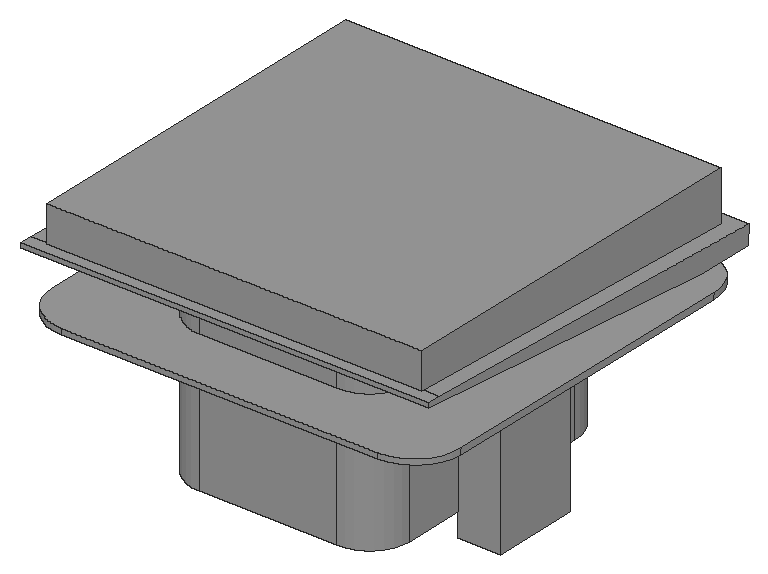
Revit family "Gira_126066", category Electrical Fixtures, host Face, Revit 2017
Family settings
  Host = Face
  Maintain Annotation Orientation = Yes
  Round Connector Dimension = Use Diameter
  Part Type = Normal
  Cut with Voids When Loaded = No
  Shared = No
  Room Calculation Point = No
Parameters (values of type "Door st. 1-g FM Gira TX_44 (WP FM) p.white")
  With info label = "Yes"
  With cover = "Yes"
  With camera = "No"
  URL = "http://katalog.gira.de/en/datenblatt.html?artikelnr=126066"
  Protection against vandalism = "Yes"
  Number of call buttons = "1"
  Name = "Door st. 1-g FM Gira TX_44 (WP FM) p.white"
  Mounting method = "Flush mounted (plaster)"
  Modular construction = "Yes"
  Manufacturer URL = "https://www.gira.de/"
  Manufacturer = "Gira"
  Keynote = ""
  Installation technique = "Bus system"
  HeinzeBIM = "https://bimportal.heinze.de/bim/door-st-1-g-fm-gira-tx-44-wp-fm-p-white/ecf9f7e6b4c6ff017edecf7f297debaa6bf575ae"
  HAN = "126066"
  GTIN = "4010337260660"
  Description = "Door st.1g FM TX_44 PW,Door station, 1-gang,,pure white,Features:,- Installation in a conventional flush-mounted device box.,- Fits in the cover frames of the Gira TX_44 switch range.,- Modular design, therefore easy installation and expandability with further components such as call buttons, info module, colour camera, Keyless In.,- Signal transmission and supply of the audio and video components via reverse-polarity-protected and short-circuit-proof 2-wire bus.,- One-man start-up with easy start-up procedure.,- Weather-resistant speaker.,- High-quality electret microphone.,- Speakerphone function (voice-controlled talk-back with echo and background noise suppression).,- Call button LED lamps, white light. Even, clearly visible call-button illumination is achieved via maintenance-free, energy-saving LED technology.,- Audible acknowledgement signal when a call button is pressed.,- Adjustable voice volume.,- Sprayed-water proof call-button cover plate made of shock-resistant plastic.,- Name plate of the call button can be exchanged without tools and without frame disassembly.,- Professional labelling is available from the Gira Inscription Service www.marking.gira.com or using the Gira inscription software.,- Binary input for connecting a zero-voltage push button (NO contact) as a call button.,- Call button, 1-gang"
  Default Elevation = 1219.2 mm
  Data sheet (1) = "https://katalog.gira.de/en/download.html?artikelnr=126066"
  Colour = "White"
  Category = "Door station door communication"
  BIM (1) = "https://media.stage.bim.site/public/gira/36a6b08/TX44_Komplettgerät_Schalten und Tasten.rfa?public/gira/36a6b08/TX44_Komplettgerät_Schalten und Tasten.rfa"
  Available = "No"
Reference planes
  plane 1 "Center (Front/Back)": y = 0
  plane 2 "Reference Level 0": z = 0
  plane 3 "Center (Left/Right)": x = 0
  plane 4: z = -28.6
Forms (mm)
  Extrusion 1, solid, material "Default", detail levels fine
    sketch origin (0, 0, 0) x (1, 0, 0) y (0, 1, 0)
      loop
        line (-32.604, 32.5) -> (-32.604, -32.5) -> (32.735, -32.5) -> (32.735, 32.5) -> (-32.604, 32.5)
    from 0 to 12.3
  Extrusion 2, solid, material "Default", detail levels fine
    sketch origin (0, 0, 0) x (0, 1, 0) y (0, 0, 1)
      loop
        line (35, 3.483) -> (-32.2, 6) -> (-34.55, 6) -> (-34.536, 5.199) -> (24.886, 0) -> (34.939, 0) -> (35, 3.483)
    from -35.5 to 35.5
  Extrusion 3, void
    sketch origin (0, 0, 0) x (0, 1, 0) y (0, 0, 1)
      loop
        line (42.419, 3.205) -> (-32.2, 6) -> (-42.193, 6) -> (-42.193, -11.826) -> (42.419, -11.826) -> (42.419, 3.205)
    from -64.194 to 61.264
  Extrusion 4, solid, material "Default", detail levels fine
    sketch origin (0, 0, 0) x (1, 0, 0) y (0, 1, 0)
      loop
        arc (35.5, 27.5) -> (33.157, 33.157) -> (27.5, 35.5) r 8
        line (27.5, 35.5) -> (-27.5, 35.5)
        arc (-27.5, 35.5) -> (-33.157, 33.157) -> (-35.5, 27.5) r 8
        line (-35.5, 27.5) -> (-35.5, -27.5)
        arc (-35.5, -27.5) -> (-33.157, -33.157) -> (-27.5, -35.5) r 8
        line (-27.5, -35.5) -> (27.5, -35.5)
        arc (27.5, -35.5) -> (33.157, -33.157) -> (35.5, -27.5) r 8
        line (35.5, -27.5) -> (35.5, 27.5)
    from -4.1 to -5.1
  Extrusion 5, solid, material "Default", detail levels fine
    sketch origin (0, 0, 0) x (1, 0, 0) y (0, 1, 0)
      loop
        arc (-12, 25) -> (-16.95, 22.95) -> (-19, 18) r 7
        line (-19, 18) -> (-19, -18)
        arc (-19, -18) -> (-16.95, -22.95) -> (-12, -25) r 7
        line (-12, -25) -> (12, -25)
        arc (12, -25) -> (16.95, -22.95) -> (19, -18) r 7
        line (19, -18) -> (19, 18)
        arc (19, 18) -> (16.95, 22.95) -> (12, 25) r 7
        line (12, 25) -> (-12, 25)
    from 4.692 to -28.6
  Extrusion 6, solid, material "Default", detail levels fine
    sketch origin (0, 0, 0) x (1, 0, 0) y (0, 1, 0)
      loop
        line (-26.5, -7.5) -> (-19, -7.5) -> (-19, 7.5) -> (-26.5, 7.5) -> (-26.5, -7.5)
    from -5.1 to -32.6
  Extrusion 7, solid, material "Default", detail levels fine
    sketch origin (0, 0, 0) x (-1, 0, 0) y (0, -1, 0)
      loop
        line (-26.5, 7.5) -> (-26.5, -7.5) -> (-19, -7.5) -> (-19, 7.5) -> (-26.5, 7.5)
    from -5.1 to -32.6
  Extrusion 8, solid, material "Default", detail levels medium
    sketch origin (0, 0, 0) x (1, 0, 0) y (0, 1, 0)
      loop
        line (-32.604, 32.5) -> (-32.604, -32.5) -> (32.735, -32.5) -> (32.735, 32.5) -> (-32.604, 32.5)
    from 0 to 12.3
  Extrusion 9, solid, material "Default", detail levels medium
    sketch origin (0, 0, 0) x (0, 1, 0) y (0, 0, 1)
      loop
        line (35, 3.483) -> (-32.2, 6) -> (-34.55, 6) -> (-34.445, 0) -> (34.939, 0) -> (35, 3.483)
    from -35.5 to 35.5
  Extrusion 10, solid, material "Default", detail levels medium
    sketch origin (0, 0, 0) x (1, 0, 0) y (0, 1, 0)
      loop
        line (-26.5, 25) -> (-26.5, -25) -> (26.5, -25) -> (26.5, 25) -> (-26.5, 25)
    from 4.692 to -32.6
  Extrusion 11, solid, material "Default", detail levels medium
    sketch origin (0, 0, 0) x (1, 0, 0) y (0, 1, 0)
      loop
        line (35.5, 35.5) -> (-35.5, 35.5) -> (-35.5, -35.5) -> (35.5, -35.5) -> (35.5, 35.5)
    from -4.1 to -5.1
  Extrusion 12, solid, material "Default", detail levels coarse
    sketch origin (0, 0, 0) x (1, 0, 0) y (0, 1, 0)
      loop
        line (35.5, 35.5) -> (-35.5, 35.5) -> (-35.5, -35.5) -> (35.5, -35.5) -> (35.5, 35.5)
    from -32.6 to 12.3
Cuts and joins
  Extrusion 3 cuts Extrusion 1
  joined: Extrusion 1, Extrusion 2, Extrusion 4, Extrusion 5, Extrusion 6, Extrusion 7
Dimensions and locks
  Extrusion 12 to Extrusion 12 = 44.9 mm
  aligned and locked: plane 2 "Reference Level 0" to host face
  aligned and locked: level to host face
  aligned and locked: plane 3 "Center (Left/Right)" to nested 1
  aligned and locked: plane 1 "Center (Front/Back)" to nested 1
Nested families
  nested 1: "Schalter" at (0, 0, 0), type "Schalter"
Connectors
  electrical at (0, 0, -32.6)
    settings: on Extrusion 12, index 1, voltage 220 V, apparent load 0 VA, apparent load phase1 0 VA, apparent load phase2 0 VA, apparent load phase3 0 VA, power factor 1, load classification "Other", number of poles 1, system type 30, power factor state 1, is connector primary yes, connector utility no, sub classification motor no, connector description ""
Definition of nested family "Schalter"
  Reference planes
    plane 1: y = 0
    plane 2: x = 0
  Lines and regions (mm)
    detail lines
      curve 1: circle (1.375, 2.778, 0) r 0.8 normal (0, 0, 1)
      curve 2: line (1.021, 2.061, 0) -> (0, 0, 0)
      curve 3: line (0, 0, 0) -> (-0.538, 0.266, 0)
  Dimensions and locks
    curve 2 to curve 2 = 2.3 mm
    curve 3 to curve 2 = 0.6 mm
    radius of curve 1 = 0.8 mm
